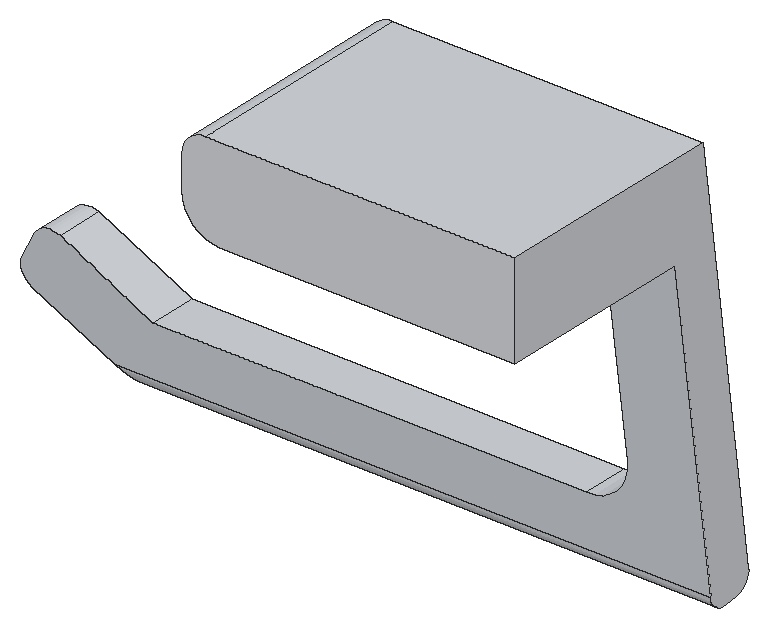
Revit family "LQ6195551_Porta Rollo Liquid Mate Black", category Furniture, host Wall, Revit 2019
Family settings
  Host = Wall
  OmniClass Number = 23.31.25.19
  OmniClass Title = Restroom Paper Towel Accessories
  Always vertical = Yes
  Cut with Voids When Loaded = No
  Shared = No
  Room Calculation Point = No
Parameters (values of type "Type 1")
  Uso = "Residencial"  # constant formula
  URL = "https://corona.co/productos/accesorios/porta-rollo-liquid/p/LQ6195551"
  Tecnologías = "DuraCrome"  # constant formula
  Resistencia = "Resistente a la corrosión\r\npelado y decoloración por agua\r\nResistencia al peso general hasta 9 kg\r\nResistencia al peso del toallero barra hasta 23 kg"  # constant formula
  Referencia = "LQ6030001"  # constant formula
  Profundidad = 61.3 mm  # constant formula
  Número de piezas = "6"  # constant formula
  Material = Corona_Mate_Black
  Manufacturer = "Corona"  # constant formula
  Línea = "Liquid"  # constant formula
  Garantía Acabados = "5 años en acabados"  # constant formula
  Garantía = "30 años en estructura"  # constant formula
  Fecha de creación = "9/10/2020"  # constant formula
  Description = "El Porta rollo Liquid, galardonado con el premio de diseño internacional Red Dot Design Award, es la mejor forma de modernizar tu baño y darle un toque único, mientras te proporciona seguridad y funcionalidad con una resistencia de hasta 9 kilos de carga. ¡Adquiérelo ahora!"  # constant formula
  Creado por = "IDD"  # constant formula
  Componentes = "Percha - Toallero - Jabonera - Barra - Cepillera - Portarrollo"  # constant formula
  Colección = "Liquid"  # constant formula
  Ancho = 145.3 mm  # constant formula
  Altura = 900 mm
  Alto = 89.8 mm  # constant formula
Reference planes
  plane 1 "Wall": y = 0
  plane 2 "Center (Left/Right)": x = 125
  plane 3 "Back": y = 75
  plane 4: z = 900
  plane 5: x = 197.65
  plane 6: x = 52.35
  plane 7: z = 944.9
  plane 8: z = 855.1
  plane 9: y = 136.3
Text (mm)
  text "Placement Side" at (-1848.837, 1116.779, 0), in view "Ref. Level"
  text "Placement side" at (0, 1409.804, 2854.306), in view "Left"
  text "Placement side" at (0, 499.811, 2980.732), in view "Right"
Dimensions and locks
  locked: plane 3 "Back" to host wall
  equal spacing: plane 8, plane 4, plane 7
  "Alto": plane 8 to plane 7
  equal spacing: plane 6, plane 2 "Center (Left/Right)", plane 5
  "Ancho": plane 6 to plane 5
  "Profundidad": plane 9 to host wall
  plane 4 to plane 8 = 44.9 mm
  "Altura": plane 4 to level
  aligned and locked: plane 1 "Wall" to host wall
  aligned and locked: nested 1 to plane 7
  aligned and locked: nested 3 to plane 7
  aligned and locked: nested 3 to plane 5
  aligned and locked: nested 4 to plane 9
  aligned and locked: nested 4 to plane 5
  aligned and locked: plane 7 to nested 2
  aligned and locked: nested 2 to plane 6
Nested families
  nested 1: "Lateral" at (125, 75, 855.1) x (0, -1, 0) z (1, 0, 0), type "Lateral"
  nested 2: "Portarrollo" at (197.65, 105, 855.1) x (-1, 0, 0) z (0, 0, 1), type "Portarrollo"
  nested 3: "Frontal" at (197.65, 0, 855.1) x (-1, 0, 0) z (0, -1, 0), type "Frontal"
  nested 4: "Planta" at (52.35, 75, 0), type "Planta"
Definition of nested family "Portarrollo"
  Parameters (values of type "Portarrollo")
    Profundidad = 61.3 mm
    Material = none
    Ancho = 145.3 mm
    Alto = 89.8 mm
  Reference planes
    plane 1 "Center (Front/Back)": y = 0
    plane 2: z = 0
    plane 3 "Center (Left/Right)": x = 0
    plane 4: x = 145.3
    plane 5: y = 30.65
    plane 6: y = -30.65
    plane 7: z = 89.8
    plane 8: x = 70.15
  Forms (mm)
    Extrusion 1, solid, material <- "Material", detail levels medium+fine
      sketch origin (250, 0.039, 0) x (0, -1, 0) y (0, 0, 1)
        loop
          line (30.681, 4.34) -> (18.182, 93.273) -> (-30.65, 93.273) -> (-30.65, 69.8) -> (11.383, 69.8) -> (20.778, 2.948)
          arc (20.778, 2.948) -> (22.138, 0.64) -> (24.731, -0.031) r 3.5
          line (24.731, -0.031) -> (27.702, 0.387)
          arc (27.702, 0.387) -> (30.01, 1.746) -> (30.681, 4.34) r 3.5
      from 104.7 to 250
    Extrusion 2, void
      sketch origin (0, 0, 0) x (1, 0, 0) y (0, 0, 1)
        loop
          line (157.831, -7.116) -> (157.831, 101.695) -> (0.15, 101.695) -> (0.15, 89.748) -> (65.15, 89.748)
          arc (65.15, 89.748) -> (68.686, 88.283) -> (70.15, 84.748) r 5
          line (70.15, 84.748) -> (70.15, 77.8)
          arc (70.15, 77.8) -> (67.807, 72.143) -> (62.15, 69.8) r 8
          line (62.15, 69.8) -> (25, 69.8)
          arc (25, 69.8) -> (17.929, 66.871) -> (15, 59.8) r 10
          line (15, 59.8) -> (15, 24.935)
          arc (15, 24.935) -> (17.929, 17.864) -> (25, 14.935) r 10
          line (25, 14.935) -> (115.981, 14.935) -> (134.336, 25.533)
          arc (134.336, 25.533) -> (137.371, 25.932) -> (139.8, 24.069) r 4
          line (139.8, 24.069) -> (143.3, 18.006)
          arc (143.3, 18.006) -> (143.7, 14.971) -> (141.836, 12.542) r 4
          line (141.836, 12.542) -> (107.787, -7.116) -> (157.831, -7.116)
      from -47.087 to 250
    Extrusion 3, solid, material <- "Material", detail levels coarse
      sketch origin (0, 0, 0) x (1, 0, 0) y (0, 1, 0)
        loop
          line (0, 30.65) -> (0, -30.65) -> (145.3, -30.65) -> (145.3, 30.65) -> (0, 30.65)
      from 0 to 89.8
  Cuts and joins
    Extrusion 2 cuts Extrusion 1
  Dimensions and locks
    equal spacing: plane 5, plane 1 "Center (Front/Back)", plane 6
    "Profundidad": plane 5 to plane 6
    "Ancho": plane 3 "Center (Left/Right)" to plane 4
    "Alto": plane 7 to level
    aligned and locked: level to plane 2
    aligned and locked: Extrusion 1 to plane 4
    aligned and locked: Extrusion 1 to plane 3 "Center (Left/Right)"
    aligned and locked: Extrusion 3 sketch curve to plane 5
    aligned and locked: plane 4 to Extrusion 3 sketch curve
    aligned and locked: plane 6 to Extrusion 3 sketch curve
    aligned and locked: Extrusion 3 sketch curve to cut or joined group of Extrusion 1, Extrusion 2
  Automatic sketch dimensions
    plane 8 to Extrusion 2 sketch curve = 0 mm
    Extrusion 2 sketch curve to Extrusion 2 sketch curve = 5 mm
    Extrusion 2 sketch curve to Extrusion 2 sketch curve = 3 mm
    plane 3 "Center (Left/Right)" to Extrusion 2 sketch curve = 25 mm  (x2)
    Extrusion 2 sketch curve to Extrusion 2 sketch curve = 10 mm
    Extrusion 2 sketch curve to level = 7.116 mm
    plane 4 to Extrusion 2 sketch curve = 37.513 mm
    Extrusion 2 sketch curve to Extrusion 2 sketch curve = 8.193 mm
    plane 4 to Extrusion 2 sketch curve = 10.964 mm
    Extrusion 2 sketch curve to Extrusion 2 sketch curve = 2 mm  (x2)
    Extrusion 2 sketch curve to Extrusion 2 sketch curve = 3.464 mm  (x2)
    plane 4 to Extrusion 2 sketch curve = 5.464 mm
    plane 4 to Extrusion 2 sketch curve = 3.464 mm
    plane 4 to Extrusion 2 sketch curve = 2 mm
    Extrusion 2 sketch curve to plane 4 = 12.531 mm
    level to Extrusion 2 sketch curve = 12.542 mm
    level to Extrusion 2 sketch curve = 14.935 mm
    Extrusion 2 sketch curve to Extrusion 2 sketch curve = 6.062 mm
    Extrusion 2 sketch curve to plane 7 = 30 mm
    Extrusion 2 sketch curve to plane 7 = 5.052 mm
    plane 3 "Center (Left/Right)" to Extrusion 2 sketch curve = 0.15 mm
    plane 7 to Extrusion 2 sketch curve = 11.895 mm
    plane 5 to Extrusion 1 sketch curve = 0.039 mm
    plane 1 "Center (Front/Back)" to Extrusion 1 sketch curve = 11.344 mm
    plane 7 to Extrusion 1 sketch curve = 3.473 mm
    plane 6 to Extrusion 1 sketch curve = 12.507 mm
    level to Extrusion 1 sketch curve = 2.948 mm
    plane 6 to Extrusion 1 sketch curve = 9.911 mm
    Extrusion 1 sketch curve to Extrusion 1 sketch curve = 3.466 mm
    Extrusion 1 sketch curve to level = 0.031 mm
    Extrusion 1 sketch curve to Extrusion 1 sketch curve = 0.487 mm
    Extrusion 1 sketch curve to Extrusion 1 sketch curve = 2.971 mm
    level to Extrusion 1 sketch curve = 0.387 mm
    plane 6 to Extrusion 1 sketch curve = 2.987 mm
    plane 6 to Extrusion 1 sketch curve = 0.008 mm
    Extrusion 1 sketch curve to Extrusion 1 sketch curve = 0.418 mm
    Extrusion 1 sketch curve to plane 7 = 20 mm
Definition of nested family "Lateral"
  Reference planes
    plane 1 "Center (Front/Back)": y = 0
    plane 2: z = 0
    plane 3 "Center (Left/Right)": x = 0
    plane 4: y = 89.8
    plane 5: x = -61.3
  Lines and regions (mm)
    detail lines, in view "Ref. Level"
      curve 1: line (-60.299, 5.676, 0) -> (-46.923, 81.536, 0)
      curve 2: line (-37.075, 89.8, 0) -> (0, 89.8, 0)
      curve 3: line (0, 89.8, 0) -> (0, 69.8, 0)
      curve 4: line (0, 69.8, 0) -> (-38.838, 69.8, 0)
      curve 5: line (-38.838, 69.8, 0) -> (-50.451, 3.939, 0)
      curve 6: line (-55.085, 0.695, 0) -> (-57.055, 1.042, 0)
      curve 7: arc (-57.055, 1.042, 0) -> (-59.637, 2.687, 0) -> (-60.299, 5.676, 0) r 4
      curve 8: arc (-50.451, 3.939, 0) -> (-52.096, 1.357, 0) -> (-55.085, 0.695, 0) r 4
      curve 9: arc (-46.923, 81.536, 0) -> (-43.503, 87.46, 0) -> (-37.075, 89.8, 0) r 10
Definition of nested family "Frontal"
  Reference planes
    plane 1 "Center (Front/Back)": y = 0
    plane 2: z = 0
    plane 3 "Center (Left/Right)": x = 0
    plane 4: x = 145.3
    plane 5: y = 89.8
  Lines and regions (mm)
    detail lines, in view "Ref. Level"
      curve 1: line (20, 0, 0) -> (114.585, 0, 0)
      curve 2: line (0, 79.8, 0) -> (0, 20, 0)
      curve 3: line (70.65, 89.8, 0) -> (10, 89.8, 0)
      curve 4: arc (20, 0, 0) -> (5.858, 5.858, 0) -> (0, 20, 0) r 20
      curve 5: arc (0, 79.8, 0) -> (2.929, 86.871, 0) -> (10, 89.8, 0) r 10
      curve 6: line (77.65, 82.8, 0) -> (77.65, 76.8, 0)
      curve 7: line (70.65, 69.8, 0) -> (35, 69.8, 0)
      curve 8: line (20, 15, 0) -> (114.585, 15, 0)
      curve 9: arc (20, 15, 0) -> (16.464, 16.464, 0) -> (15, 20, 0) r 5
      curve 10: line (15, 49.8, 0) -> (15, 20, 0)
      curve 11: arc (15, 49.8, 0) -> (20.858, 63.942, 0) -> (35, 69.8, 0) r 20
      curve 12: arc (77.65, 76.8, 0) -> (75.6, 71.85, 0) -> (70.65, 69.8, 0) r 7
      curve 13: arc (77.65, 82.8, 0) -> (75.6, 87.75, 0) -> (70.65, 89.8, 0) r 7
      curve 14: line (138.826, 6.269, 0) -> (141.694, 7.859, 0)
      curve 15: arc (114.585, 0, 0) -> (127.104, 1.593, 0) -> (138.826, 6.269, 0) r 50
      curve 16: arc (114.585, 15, 0) -> (123.348, 16.115, 0) -> (131.553, 19.388, 0) r 35
      curve 17: line (131.553, 19.388, 0) -> (134.422, 20.978, 0)
      curve 18: line (144.422, 17.375, 0) -> (143.938, 18.249, 0)
      curve 19: arc (134.422, 20.978, 0) -> (139.745, 21.585, 0) -> (143.938, 18.249, 0) r 7
      curve 20: arc (141.694, 7.859, 0) -> (145.029, 12.052, 0) -> (144.422, 17.375, 0) r 7
  Dimensions and locks
    aligned and locked: plane 1 "Center (Front/Back)" to curve 1
    aligned and locked: curve 2 to plane 3 "Center (Left/Right)"
    aligned and locked: plane 5 to curve 3
Definition of nested family "Planta"
  Reference planes
    plane 1 "Center (Front/Back)": y = 0
    plane 2: z = 0
    plane 3 "Center (Left/Right)": x = 0
    plane 4: x = 145.3
    plane 5: y = 61.3
  Lines and regions (mm)
    detail lines, in view "Ref. Level"
      curve 1: line (145.3, 0, 0) -> (75.3, 0, 0)
      curve 2: line (145.3, 61.3, 0) -> (145.3, 0, 0)
      curve 3: line (75.3, 0, 0) -> (75.3, 46.3, 0)
      curve 4: line (145.3, 61.3, 0) -> (0, 61.3, 0)
      curve 5: line (0, 46.3, 0) -> (75.3, 46.3, 0)
      curve 6: line (0, 61.3, 0) -> (0, 46.3, 0)
